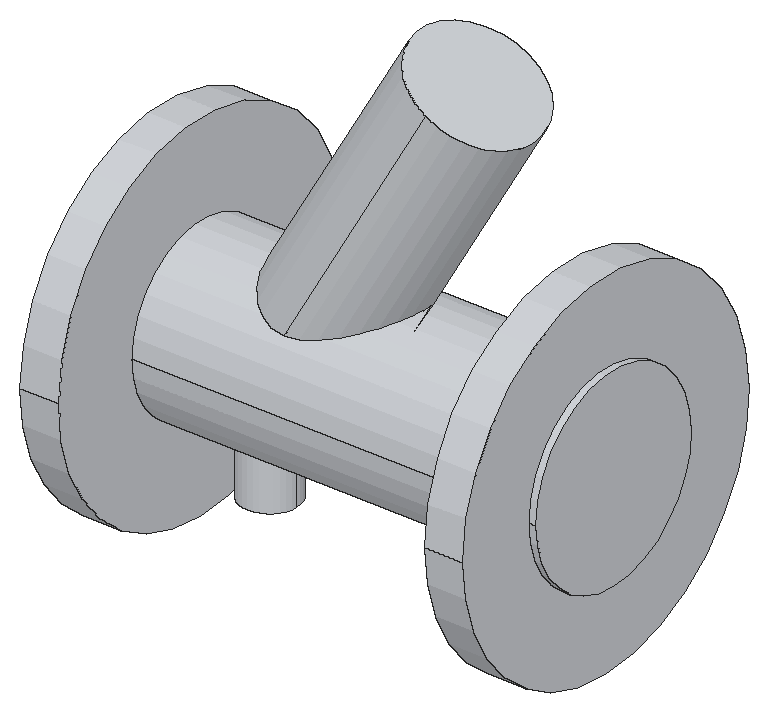
Revit family "HS 821-síto_standard-PN16-DN032-RFA_2019", category Pipe Accessories, Revit 2019
Family settings
  Round Connector Dimension = Use Diameter
  Part Type = Breaks Into
  Work Plane-Based = No
  Always vertical = Yes
  Cut with Voids When Loaded = No
  Shared = No
Parameters (values of type "821A-DN032-PN16-síto_standard")
  magiProductId = "227a0d18b21540afabe8b6067d35fa"
  magiProductFamilyId = "79214ac3aaa945e397802f559f5c1e"
  magiPartTypeId = 307
  isMeasuringValve [instance] = no
  ang2D [instance] = 0.00°
  ZB__ve = -ZB  # -23 mm
  ZB1 = 30.78 mm
  ZB = 23 mm
  X2 = 68.849 mm
  X1 = 25.2 mm
  W2D = 15 mm
  VersionID = "2.0/2017.9.26.1/ZETKAMA_821_001"
  Use Minimum Symbol Size [instance] = yes
  URL = "www.hydronix.cz"
  Type Comments = "Filtr přírubový; síto standardní; A-PN16 (-10~300°C); D-PN25 (-10~350°C); F-PN40 (-10~400°C)"
  S = 76 mm
  QmdConnectorList = "301;D;302;D"
  Productdata [instance] = ""
  Manufacturer = "Hydronix"
  MC Product Code = "200 132 (821A; DN032; PN16; kvs23,7; oko síta 1,00mm)"
  LM1 = 14.4 mm
  LM = 144 mm
  L4 = 45 mm
  L2D_Min = 3048 mm
  L2D = 130 mm
  L2 = 90 mm
  HH2 = 119.25 mm
  FD = 140 mm
  Description = "Filtr přírubový; síto standardní; 821A-PN16; 821D-PN25; 821F-PN40"
  DM1 = 50.4 mm
  DM = 68.4 mm
  D = 32 mm
  CC = 3.06 mm
  CAT0 = yes
  C1 = 14.94 mm
  C = 18 mm
  BD = 21.546 mm
Types (40, lengths in mm): name | magiProductId | ZB__ve | ZB1 | ZB | X2 | X1 | S | MC Product Code | LM1 | LM | L4 | L2 | HH2 | FD | DM1 | DM | D | CC | C1 | C | BD
  821A-DN015-PN16-síto_standard | "a71bcfe8b393460598b23e8ddf7dc5" | -16.25 | 18.63 | 16.25 | 46.982 | 18.2 | 46 | "200 115 (821A; DN015; PN16; kvs6,3; oko síta 1,00mm)" | 10.4 | 104 | 32.5 | 65 | 81.375 | 95 | 27.6 | 41.4 | 15 | 2.21 | 10.79 | 13 | 13.041
  821A-DN020-PN16-síto_standard | "41cd6c7a12924f4991217528336076" | -17.75 | 22.68 | 17.75 | 51.673 | 21 | 56 | "200 120 (821A; DN020; PN16; kvs11,2; oko síta 1,00mm)" | 12 | 120 | 37.5 | 75 | 89.5 | 105 | 33.6 | 50.4 | 20 | 2.55 | 12.45 | 15 | 15.876
  821A-DN025-PN16-síto_standard | "be378b463ed14c3abf4c9b3ae8cf3a" | -19.25 | 26.325 | 19.25 | 58.601 | 22.4 | 65 | "200 125 (821A; DN025; PN16; kvs14,7; oko síta 1,00mm)" | 12.8 | 128 | 40 | 80 | 101.5 | 115 | 43.2 | 58.5 | 25 | 2.72 | 13.28 | 16 | 18.427
  821A-DN032-PN16-síto_standard | "227a0d18b21540afabe8b6067d35fa" | -23 | 30.78 | 23 | 68.849 | 25.2 | 76 | "200 132 (821A; DN032; PN16; kvs23,7; oko síta 1,00mm)" | 14.4 | 144 | 45 | 90 | 119.25 | 140 | 50.4 | 68.4 | 32 | 3.06 | 14.94 | 18 | 21.546
  821A-DN040-PN16-síto_standard | "d106917c74724141a10440112d0102" | -24.5 | 34.02 | 24.5 | 75.777 | 28 | 84 | "200 140 (821A; DN040; PN16; kvs37,7; oko síta 1,00mm)" | 16 | 160 | 50 | 100 | 131.25 | 150 | 60 | 75.6 | 40 | 3.4 | 16.6 | 20 | 23.814
  821A-DN050-PN16-síto_standard | "8255d456a09e4f6486734f5dd9171b" | -26.75 | 40.095 | 26.75 | 79.061 | 32.2 | 99 | "200 150 (821A; DN050 PN16; kvs57,9; oko síta 1,00mm)" | 18.4 | 184 | 57.5 | 115 | 136.938 | 165 | 73.8 | 89.1 | 50 | 3.91 | 19.09 | 23 | 28.066
  821A-DN065-PN16-síto_standard | "235b1b3e4c0843779a4d5e3716d40a" | -29.75 | 47.79 | 29.75 | 86.927 | 40.6 | 118 | "200 165 (821A; DN065; PN16; kvs101,5; oko síta 1,25mm)" | 23.2 | 232 | 72.5 | 145 | 150.562 | 185 | 94.2 | 106.2 | 65 | 4.93 | 24.07 | 29 | 33.453
  821A-DN080-PN16-síto_standard | "a067f7c5236348ed8c820d16df7214" | -32 | 53.46 | 32 | 104.753 | 43.4 | 132 | "200 180 (821A; DN080; PN16; kvs147,4; oko síta 1,25mm)" | 24.8 | 248 | 77.5 | 155 | 181.438 | 200 | 107.4 | 118.8 | 80 | 5.27 | 25.73 | 31 | 37.422
  821A-DN100-PN16-síto_standard | "c49a648c2747461285837d643703cd" | -35 | 63.18 | 35 | 114.857 | 49 | 156 | "200 190 (821A; DN100; PN16; kvs209,6; oko síta 1,60mm)" | 28 | 280 | 87.5 | 175 | 198.937 | 220 | 131.4 | 140.4 | 100 | 5.95 | 29.05 | 35 | 44.226
  821A-DN125-PN16-síto_standard | "bf68e728a163493cbd2a663b26ebdc" | -39.5 | 74.52 | 39.5 | 131.888 | 56 | 184 | "200 191 (821A; DN125; PN16; kvs326,2; oko síta 1,60mm)" | 32 | 320 | 100 | 200 | 228.438 | 250 | 165 | 165.6 | 125 | 6.8 | 33.2 | 40 | 52.164
  821A-DN150-PN16-síto_standard | "2de770284b654863ae6bc865769dc5" | -44.75 | 85.455 | 44.75 | 155.885 | 67.2 | 211 | "200 192 (821A; DN150; PN16; kvs403; oko síta 1,60mm)" | 38.4 | 384 | 120 | 240 | 270 | 285 | 192 | 189.9 | 150 | 8.16 | 39.84 | 48 | 59.818
  821A-DN200-PN16-síto_standard | "8e5693371ab64aabb29a7f08c76e15" | -53 | 107.73 | 53 | 188.361 | 84 | 266 | "200 193 (821A; DN200; PN16; kvs707; oko síta 1,60mm)" | 48 | 480 | 150 | 300 | 326.25 | 340 | 252 | 239.4 | 200 | 10.2 | 49.8 | 60 | 75.411
  821A-DN250-PN16-síto_standard | "05e37ed948c34047acdd4c42556504" | -62.75 | 129.195 | 62.75 | 255.911 | 102.2 | 319 | "200 194 (821A; DN250; PN16; kvs1234; oko síta 1,60mm)" | 58.4 | 584 | 182.5 | 365 | 443.25 | 405 | 309.6 | 287.1 | 250 | 12.41 | 60.59 | 73 | 90.436
  821A-DN300-PN16-síto_standard | "9ad0af747269428da925480d83ce80" | -71 | 149.85 | 71 | 325.914 | 119 | 370 | "200 195 (821A; DN300; PN16; kvs1916; oko síta 1,60mm)" | 68 | 680 | 212.5 | 425 | 564.5 | 460 | 369.6 | 333 | 300 | 14.45 | 70.55 | 85 | 104.895
  821A-DN350-PN16-síto_standard | "eebc71459bb3451bb4355e7951370a" | -80 | 173.745 | 80 | 356.875 | 137.2 | 429 | "200 196 (821A; DN350; PN16; kvs2621; oko síta 1,60mm)" | 78.4 | 784 | 245 | 490 | 618.125 | 520 | 438 | 386.1 | 350 | 16.66 | 81.34 | 98 | 121.621
  821A-DN400-PN16-síto_standard | "d2f677cb196647e385b2590e7d8abe" | -89 | 194.4 | 89 | 392.237 | 154 | 480 | "200 197 (821A; DN400; PN16; kvs3460; oko síta 1,60mm)" | 88 | 880 | 275 | 550 | 679.375 | 580 | 498 | 432 | 400 | 18.7 | 91.3 | 110 | 136.08
  821D-DN015-PN25-síto_standard | "27ddcbf555414f8ca1fde329bf9087" | -16.25 | 18.63 | 16.25 | 46.982 | 18.2 | 46 | "200 215 (821D; DN015; PN25; kvs6,3; oko síta 1,00mm)" | 10.4 | 104 | 32.5 | 65 | 81.375 | 95 | 27.6 | 41.4 | 15 | 2.21 | 10.79 | 13 | 13.041
  821D-DN020-PN25-síto_standard | "270e0f14012f47189cd0235c18faee" | -17.75 | 22.68 | 17.75 | 51.673 | 21 | 56 | "200 220 (821D; DN020; PN25; kvs11,2; oko síta 1,00mm)" | 12 | 120 | 37.5 | 75 | 89.5 | 105 | 33.6 | 50.4 | 20 | 2.55 | 12.45 | 15 | 15.876
  821D-DN025-PN25-síto_standard | "b9a7fb4aa36643878c637d8e1ab992" | -19.25 | 26.325 | 19.25 | 58.601 | 22.4 | 65 | "200 225 (821D; DN025; PN25; kvs14,7; oko síta 1,00mm)" | 12.8 | 128 | 40 | 80 | 101.5 | 115 | 43.2 | 58.5 | 25 | 2.72 | 13.28 | 16 | 18.427
  821D-DN032-PN25-síto_standard | "6be9a55c4e68400f94eec7e804204c" | -23 | 30.78 | 23 | 68.849 | 25.2 | 76 | "200 232 (821D; DN032; PN25; kvs23,7; oko síta 1,00mm)" | 14.4 | 144 | 45 | 90 | 119.25 | 140 | 50.4 | 68.4 | 32 | 3.06 | 14.94 | 18 | 21.546
  821D-DN040-PN25-síto_standard | "c54511bd7f584ec2984291479612cb" | -24.5 | 34.02 | 24.5 | 75.777 | 28 | 84 | "200 240 (821D; DN040; PN25; kvs37,7; oko síta 1,00mm)" | 16 | 160 | 50 | 100 | 131.25 | 150 | 60 | 75.6 | 40 | 3.4 | 16.6 | 20 | 23.814
  821D-DN050-PN25-síto_standard | "5483b1f596b04cd39b23a14a22c90e" | -26.75 | 40.095 | 26.75 | 79.061 | 32.2 | 99 | "200 250 (821D; DN050; PN25; kvs57,9; oko síta 1,00mm)" | 18.4 | 184 | 57.5 | 115 | 136.938 | 165 | 73.8 | 89.1 | 50 | 3.91 | 19.09 | 23 | 28.066
  821D-DN065-PN25-síto_standard | "767b0f8318e94750bc7a9930ed5b30" | -29.75 | 47.79 | 29.75 | 86.927 | 40.6 | 118 | "200 265 (821D; DN065; PN25; kvs101,5; oko síta 1,25mm)" | 23.2 | 232 | 72.5 | 145 | 150.562 | 185 | 94.2 | 106.2 | 65 | 4.93 | 24.07 | 29 | 33.453
  821D-DN080-PN25-síto_standard | "e21040fa3cc2404b858198f6b73709" | -32 | 53.46 | 32 | 104.753 | 43.4 | 132 | "200 280 (821D; DN080; PN25; kvs147,4; oko síta 1,25mm)" | 24.8 | 248 | 77.5 | 155 | 181.438 | 200 | 107.4 | 118.8 | 80 | 5.27 | 25.73 | 31 | 37.422
  821D-DN100-PN25-síto_standard | "175ca87a506b40b3bc6b82f12f33cf" | -37.25 | 63.18 | 37.25 | 114.857 | 49 | 156 | "200 290 (821D; DN100; PN25; kvs209,6; oko síta 1,60mm)" | 28 | 280 | 87.5 | 175 | 198.937 | 235 | 131.4 | 140.4 | 100 | 5.95 | 29.05 | 35 | 44.226
  821D-DN125-PN25-síto_standard | "77cc98d60da24855999a22dff726b2" | -42.5 | 74.52 | 42.5 | 131.888 | 56 | 184 | "200 291 (821D; DN125; PN25; kvs326,2; oko síta 1,60mm)" | 32 | 320 | 100 | 200 | 228.438 | 270 | 165 | 165.6 | 125 | 6.8 | 33.2 | 40 | 52.164
  821D-DN150-PN25-síto_standard | "9cf8acfcd15547d68e83172d3abcbe" | -47 | 85.455 | 47 | 155.885 | 67.2 | 211 | "200 292 (821D; DN150; PN25; kvs403; oko síta 1,60mm)" | 38.4 | 384 | 120 | 240 | 270 | 300 | 192 | 189.9 | 150 | 8.16 | 39.84 | 48 | 59.818
  821D-DN200-PN25-síto_standard | "16973f3c9ea14389ba8602495a6b64" | -56 | 110.97 | 56 | 188.361 | 84 | 274 | "200 293 (821D; DN200; PN25; kvs707; oko síta 1,60mm)" | 48 | 480 | 150 | 300 | 326.25 | 360 | 252 | 246.6 | 200 | 10.2 | 49.8 | 60 | 77.679
  821F-DN015-PN40-síto_standard | "4c7eaf3c4c0340888b3e684d8a8616" | -16.25 | 18.225 | 16.25 | 46.982 | 18.2 | 45 | "240 615 (821F; DN015; PN40; kvs6,3; oko síta 1,00mm)" | 10.4 | 104 | 32.5 | 65 | 81.375 | 95 | 27.6 | 40.5 | 15 | 2.21 | 10.79 | 13 | 12.757
  821F-DN020-PN40-síto_standard | "aaac5f1ec96b44d6ba96ac2293d66d" | -17.75 | 23.49 | 17.75 | 51.673 | 21 | 58 | "240 620 (821F; DN020; PN40; kvs11,2; oko síta 1,00mm)" | 12 | 120 | 37.5 | 75 | 89.5 | 105 | 33.6 | 52.2 | 20 | 2.55 | 12.45 | 15 | 16.443
  821F-DN025-PN40-síto_standard | "504768023968471481789485b54c7e" | -19.25 | 27.54 | 19.25 | 58.601 | 22.4 | 68 | "240 625 (821F; DN025; PN40; kvs14,7; oko síta 1,00mm)" | 12.8 | 128 | 40 | 80 | 101.5 | 115 | 43.2 | 61.2 | 25 | 2.72 | 13.28 | 16 | 19.278
  821F-DN032-PN40-síto_standard | "165e7f39cf744f329bdf1c400dad12" | -23 | 31.59 | 23 | 68.849 | 25.2 | 78 | "240 632 (821F; DN032; PN40; kvs23,7; oko síta 1,00mm)" | 14.4 | 144 | 45 | 90 | 119.25 | 140 | 50.4 | 70.2 | 32 | 3.06 | 14.94 | 18 | 22.113
  821F-DN040-PN40-síto_standard | "b8903f952089408fbf3a5a632bab1f" | -24.5 | 35.64 | 24.5 | 75.777 | 28 | 88 | "240 640 (821F; DN040; PN40; kvs37,7; oko síta 1,00mm)" | 16 | 160 | 50 | 100 | 131.25 | 150 | 60 | 79.2 | 40 | 3.4 | 16.6 | 20 | 24.948
  821F-DN050-PN40-síto_standard | "c451f97266fe48da8f879cb6a2bd44" | -26.75 | 41.31 | 26.75 | 79.061 | 32.2 | 102 | "240 650 (821F; DN050; PN40; kvs57,9; oko síta 1,00mm)" | 18.4 | 184 | 57.5 | 115 | 136.938 | 165 | 73.8 | 91.8 | 50 | 3.91 | 19.09 | 23 | 28.917
  821F-DN065-PN40-síto_standard | "dc9821e3f9b34e128f6a8c6b34c198" | -29.75 | 49.41 | 29.75 | 86.927 | 40.6 | 122 | "240 665 (821F; DN065; PN40; kvs101,5; oko síta 1,25mm)" | 23.2 | 232 | 72.5 | 145 | 150.562 | 185 | 94.2 | 109.8 | 65 | 4.93 | 24.07 | 29 | 34.587
  821F-DN080-PN40-síto_standard | "689aa1e260f84cf4994f027a1d86b5" | -32 | 55.89 | 32 | 104.753 | 43.4 | 138 | "240 680 (821F; DN080; PN40; kvs147,4; oko síta 1,25mm)" | 24.8 | 248 | 77.5 | 155 | 181.438 | 200 | 107.4 | 124.2 | 80 | 5.27 | 25.73 | 31 | 39.123
  821F-DN100-PN40-síto_standard | "8a45d4e8e2ab425f8c432f21d684f3" | -37.25 | 65.61 | 37.25 | 114.857 | 49 | 162 | "240 690 (821F; DN100; PN40; kvs209,6; oko síta 1,6mm)" | 28 | 280 | 87.5 | 175 | 198.937 | 235 | 131.4 | 145.8 | 100 | 5.95 | 29.05 | 35 | 45.927
  821F-DN125-PN40-síto_standard | "cf073904c006406b8645afa67ea2fc" | -42.5 | 76.14 | 42.5 | 131.888 | 56 | 188 | "240 691 (821F; DN125; PN40; kvs326,2; oko síta 1,6mm)" | 32 | 320 | 100 | 200 | 228.438 | 270 | 165 | 169.2 | 125 | 6.8 | 33.2 | 40 | 53.298
  821F-DN150-PN40-síto_standard | "0153b9ddabe14992a630484929fdbc" | -47 | 88.29 | 47 | 155.885 | 67.2 | 218 | "240 692 (821F; DN150; PN40; kvs403; oko síta 1,6mm)" | 38.4 | 384 | 120 | 240 | 270 | 300 | 192 | 196.2 | 150 | 8.16 | 39.84 | 48 | 61.803
  821F-DN200-PN40-síto_standard | "7fb3fc01dd8d42428c203e3f8dd4d5" | -56 | 115.425 | 56 | 188.361 | 84 | 285 | "240 693 (821F; DN200; PN40; kvs707; oko síta 1,6mm)" | 48 | 480 | 150 | 300 | 326.25 | 360 | 252 | 256.5 | 200 | 10.2 | 49.8 | 60 | 80.797
Reference planes
  plane 1 "Center (Front/Back)": y = 0
  plane 2 "XYPLANE": z = 0
  plane 3 "Center (Left/Right)": x = 0
  plane 4 "109": x = -57.6
  plane 5 "108": x = 72
  plane 6 "107": x = -72
  plane 7 "105": x = 90
  plane 8 "104": x = -90
  plane 9 "103": y = 0
  plane 10 "102": z = 0
  plane 11 "101": x = -86.94
  plane 12 "100": x = 86.94
  plane 13 "11": x = -32.4
  plane 14 "10": z = 119.25
  plane 15 "9": x = 36.449
  plane 16 "5": z = -30.78
  plane 17 "4": x = -45
  plane 18 "1": x = 45
Forms (mm)
  Extrusion 1, solid, visible <- "CAT0"
    sketch origin (-72, -750, 0) x (0, 1, 0) y (0, 0, 1)
      loop
        circle (750, 0) r 34.2
    from 0 to 144 <- "LM"
  Extrusion 2, solid
    sketch origin (-90, -750, 0) x (0, 1, 0) y (0, 0, 1)
      loop
        circle (750, 0) r 38
    from 0 to 3.06 <- "CC"
  Extrusion 3, solid
    sketch origin (-86.94, -750, 0) x (0, 1, 0) y (0, 0, 1)
      loop
        circle (750, 0) r 70
    from 0 to 14.94 <- "C1"
  Extrusion 4, solid
    sketch origin (72, -750, 0) x (0, 1, 0) y (0, 0, 1)
      loop
        circle (750, 0) r 70
    from 0 to 14.94 <- "C1"
  Extrusion 5, solid
    sketch origin (86.94, -750, 0) x (0, 1, 0) y (0, 0, 1)
      loop
        circle (750, 0) r 38
    from 0 to 3.06 <- "CC"
  Sweep 6, solid, visible <- "CAT0"
    path origin (750, 0, 0) x (-1, 0, 0) y (0, 0, 1)
      loop
        line (822, 0) -> (782.4, 0) -> (713.551, 119.25)
    profile origin (-72, 0, 0) x (0, 0, -1) y (0, 1, 0)
      loop
        circle (0, 0) r 25.2
  Extrusion 7, solid, visible <- "CAT0"
    sketch origin (-750, 0, -30.78) x (1, 0, 0) y (0, 1, 0)
      loop
        circle (705, 0) r 10.773
    from 0 to -23 <- "ZB__ve"
  Extrusion 8, solid, visible <- "CAT0"
    sketch origin (-750, 0, -30.78) x (1, 0, 0) y (0, 1, 0)
      loop
        circle (795, 0) r 10.773
    from 0 to -23 <- "ZB__ve"
  Extrusion 9, solid, not visible
    sketch origin (90, -750, 0) x (0, 1, 0) y (0, 0, 1)
      loop
        circle (750, 0) r 10
    from 0 to -10
  Extrusion 10, solid, not visible
    sketch origin (-90, -750, 0) x (0, 1, 0) y (0, 0, 1)
      loop
        circle (750, 0) r 10
    from 0 to 10
Lines and regions (mm)
  reference lines, not visible
    curve 1: circle (2, 2, 0) r 1 normal (0, 0, 1)
Dimensions and locks
  plane 1 "Center (Front/Back)" to curve 1 = 2 mm
  "LM1": plane 6 "107" to plane 4 "109"
  "LM": plane 6 "107" to plane 5 "108"
  "C": plane 8 "104" to plane 6 "107"
  "L2": plane 3 "Center (Left/Right)" to plane 7 "105"
  "L2": plane 3 "Center (Left/Right)" to plane 8 "104"
  locked: plane 1 "Center (Front/Back)" to plane 9 "103"
  locked: plane 2 "XYPLANE" to plane 10 "102"
  "CC": plane 8 "104" to plane 11 "101"
  "C1": plane 5 "108" to plane 12 "100"
  "X1": plane 4 "109" to plane 13 "11"
  "HH2": plane 2 "XYPLANE" to plane 14 "10"
  "X2": plane 13 "11" to plane 15 "9"
  "ZB1": plane 2 "XYPLANE" to plane 16 "5"
  "L4": plane 8 "104" to plane 17 "4"
  "L2": plane 17 "4" to plane 18 "1"
  Sweep 6 sketch curve to Sweep 6 sketch curve = 0 mm  (x2)
  "DM": diameter of Extrusion 1 sketch curve
  "S": diameter of Extrusion 2 sketch curve
  "FD": diameter of Extrusion 3 sketch curve
  "FD": diameter of Extrusion 4 sketch curve
  "S": diameter of Extrusion 5 sketch curve
  "DM1": diameter of Sweep 6 sketch curve
  "BD": diameter of Extrusion 7 sketch curve
  "BD": diameter of Extrusion 8 sketch curve
  aligned and locked: level to plane 2 "XYPLANE"
  aligned and locked: Extrusion 1 sketch curve to plane 9 "103"
  aligned and locked: plane 10 "102" to Extrusion 1 sketch curve
  aligned and locked: Extrusion 2 sketch curve to plane 9 "103"
  aligned and locked: plane 10 "102" to Extrusion 2 sketch curve
  aligned and locked: Extrusion 3 sketch curve to plane 9 "103"
  aligned and locked: plane 10 "102" to Extrusion 3 sketch curve
  aligned and locked: Extrusion 4 sketch curve to plane 9 "103"
  aligned and locked: plane 10 "102" to Extrusion 4 sketch curve
  aligned and locked: Extrusion 5 sketch curve to plane 9 "103"
  aligned and locked: plane 10 "102" to Extrusion 5 sketch curve
  aligned and locked: Sweep 6 sketch curve to plane 9 "103"
  aligned and locked: plane 10 "102" to Sweep 6 sketch curve  (x3)
  aligned and locked: plane 6 "107" to Sweep 6 sketch curve
  aligned and locked: plane 13 "11" to Sweep 6 sketch curve
  aligned and locked: plane 14 "10" to Sweep 6 sketch curve
  aligned and locked: plane 15 "9" to Sweep 6 sketch curve
  aligned and locked: plane 9 "103" to Extrusion 7 sketch curve
  aligned and locked: plane 17 "4" to Extrusion 7 sketch curve
  aligned and locked: plane 9 "103" to Extrusion 8 sketch curve
  aligned and locked: plane 18 "1" to Extrusion 8 sketch curve
  aligned and locked: Extrusion 9 sketch curve to plane 9 "103"
  aligned and locked: plane 10 "102" to Extrusion 9 sketch curve
  aligned and locked: Extrusion 10 sketch curve to plane 9 "103"
  aligned and locked: plane 10 "102" to Extrusion 10 sketch curve
Automatic sketch dimensions
  plane 1 "Center (Front/Back)" to Extrusion 9 sketch curve = 10 mm
  plane 1 "Center (Front/Back)" to Extrusion 10 sketch curve = 10 mm
  plane 3 "Center (Left/Right)" to curve 1 = 2 mm
  radius of curve 1 = 1 mm
Connectors
  piping at (-90, 0, 0), diameter 32, driven by "D"
    settings: on Extrusion 10, index 1, connector inside diameter 609.6 mm, connector length 0 mm, flow factor 0, pipe flow 0.0 L/s, pressure drop 0.0 Pa, fitting loss kfactor 0, connector angle 0.00°, fixture units 0, engagement length 0 mm, angle of deflection 0.00°, flow configuration 0, flow direction 0, fitting loss method 0, system type 29, joint type 0, gender type 0, connector reference index 2, connector utility 0, adjustable connector no, is connector primary yes, connector description ""
  piping at (90, 0, 0), diameter 32, driven by "D"
    settings: on Extrusion 9, index 2, connector inside diameter 609.6 mm, connector length 0 mm, flow factor 0, pipe flow 0.0 L/s, pressure drop 0.0 Pa, fitting loss kfactor 0, connector angle 0.00°, fixture units 0, engagement length 0 mm, angle of deflection 0.00°, flow configuration 0, flow direction 0, fitting loss method 0, system type 29, joint type 0, gender type 0, connector reference index 1, connector utility 0, adjustable connector no, is connector primary no, connector description ""
